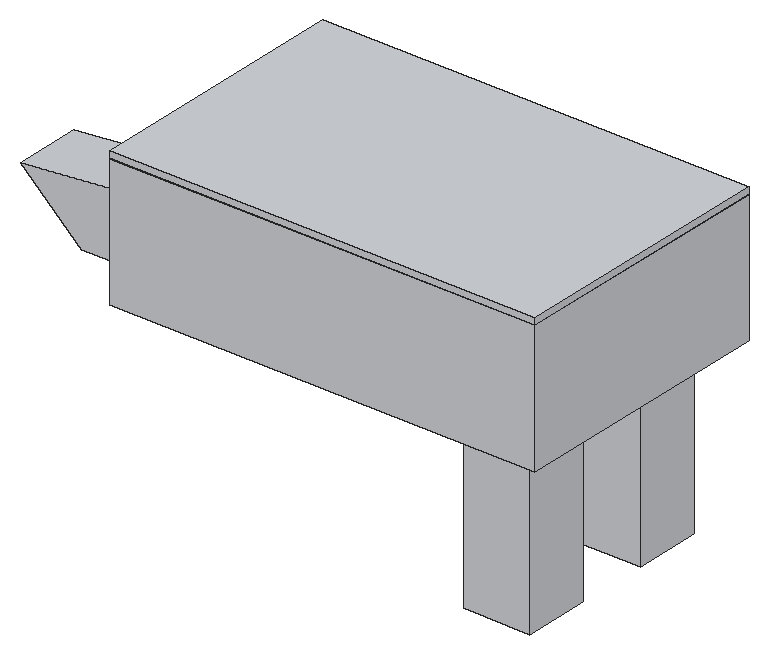
Revit family "AHU 3 _3", category Mechanické zařízení, Revit 2018
Family settings
  Kóta kulaté spojky = Použít průměr
  Typ dílu = Normální
  Číslo OmniClass = 23.75.00.00
  Nadpis OmniClass = Climate Control (HVAC)
  Založené na pracovní rovině = Ne
  Vždy vertikální = Ano
  Ořezat dutým tvarem při načtení = Ne
  Sdílené = Ne
  Bod výpočtu místnosti = Ne
Parameters (values of type "DUPLEXVENT 3500 Multi Eco-N")
  Width [instance] = 1.605 mm
  Weight [instance] = 529.00 kg
  URL = ""
  Type [instance] = "DUPLEXVENT 3500 Multi Eco-N"
  Total_SFP [instance] = 0
  Supply_outlet_hum [instance] = 90
  Supply_inlet_hum [instance] = 90
  Supply_ext_pressure [instance] = 0.0 Pa
  Supply_SFP [instance] = 0
  Source_adu_file [instance] = ""
  Recuperation_type [instance] = "Plate heat recovery exchanger"
  Recuperation_efficiency_EN308 [instance] = 0
  Project_name [instance] = ""
  Project_date [instance] = "9.8.2023"
  Power_supply_fusing [instance] = "0"
  Power_supply_cable [instance] = "0"
  Position [instance] = "AHU 3 "
  Phases_count [instance] = 3
  Panel_thickness [instance] = 0.06 mm
  Outer_surface [instance] = "RAL 9002"
  Length [instance] = 2.56 mm
  Insulation_type [instance] = "PUR"
  Insulation_thickness [instance] = 0.05 mm
  Installation_environment [instance] = ""
  Input_power_max [instance] = 5000 W
  Inner_surface [instance] = "Pozink"
  I2 [instance] = I1  # 0.0 L/s
  Height [instance] = 1.29 mm
  Exhaust_outlet_hum [instance] = 40
  Exhaust_inlet_hum [instance] = 40
  Exhaust_ext_pressure [instance] = 0.0 Pa
  Exhaust_SFP [instance] = 0
  E1 [instance] = E2 - M1  # 0.0 L/s
  E2 [instance] = 0.0 L/s
  I1 [instance] = 0.0 L/s
  Description = ""
  M1 [instance] = 0.0 L/s
  Device_dutypoint_version [instance] = "0"
  Device_design_version [instance] = "10"
  Device_adu_id [instance] = "3"
  Current_max [instance] = 7.6 A
  Casing_mat [instance] = "painted zinc layer"
  Cable type [instance] = ""
Reference planes
  plane 1 "Střed (vpředu/vzadu)": y = 0
  plane 2 "ref": z = 0
  plane 3 "Střed (vlevo/vpravo)": x = 0
Forms (mm)
  Sweep 1, solid
    path origin (0, 0, -790) x (0, 0, 1) y (1, 0, 0)
      loop
        line (0, 0) -> (790, 0)
    profile origin (0, 0, -790) x (1, 0, 0) y (0, 1, 0)
      loop
        line (0, 0) -> (2560, 0) -> (2560, 1605) -> (0, 1605) -> (0, 0)
  Sweep 2, solid
    path origin (0, 0, 0) x (0, 0, 1) y (1, 0, 0)
      loop
        line (0, 0) -> (40, 0)
    profile origin (0, 0, 0) x (1, 0, 0) y (0, 1, 0)
      loop
        line (0, 0) -> (2560, 0) -> (2560, 1605) -> (0, 1605) -> (0, 0)
  Sweep 3, solid
    path origin (-310, 505, -425) x (1, 0, 0) y (0, 1, 0)
      loop
        line (0, 0) -> (0, -400)
    profile origin (-310, 505, -425) x (1, 0, 0) y (0, 0, 1)
      loop
        line (309, 200) -> (-310, 140) -> (62, -200) -> (310, -200) -> (309, 200)
  Sweep 4, solid
    path origin (0, 305, -425) x (0, 1, 0) y (-1, 0, 0)
      loop
        line (0, 0) -> (0, 1)
    profile origin (0, 305, -425) x (0, -1, 0) y (0, 0, 1)
      loop
        line (-200, -200) -> (200, -200) -> (200, 200) -> (-200, 200) -> (-200, -200)
  Sweep 5, solid
    path origin (2232, 1156, -790) x (0, 0, -1) y (1, 0, 0)
      loop
        line (0, 0) -> (975, 0)
    profile origin (2232, 1156, -790) x (0, -1, 0) y (1, 0, 0)
      loop
        line (-200, 200) -> (-200, -200) -> (200, -200) -> (200, 200) -> (-200, 200)
  Sweep 6, solid
    path origin (2232, 323, -790) x (0, 0, -1) y (1, 0, 0)
      loop
        line (0, 0) -> (975, 0)
    profile origin (2232, 323, -790) x (0, -1, 0) y (1, 0, 0)
      loop
        line (-200, 200) -> (-200, -200) -> (200, -200) -> (200, 200) -> (-200, 200)
  Sweep 7, solid
    path origin (63, 1785, -330) x (1, 0, 0) y (0, 1, 0)
      loop
        line (0, 0) -> (485, 0)
    profile origin (63, 1785, -330) x (0, 1, 0) y (0, 0, 1)
      loop
        line (-180, -235) -> (180, -235) -> (180, 55) -> (0, 235) -> (-180, 235) -> (-180, -235)
  Sweep 8, solid
    path origin (0, 0, -565) x (0, 0, 1) y (1, 0, 0)
      loop
        line (0, 0) -> (470, 0)
    profile origin (0, 0, -565) x (1, 0, 0) y (0, 1, 0)
      loop
        line (63, 1605) -> (547, 1605) -> (547, 1606) -> (63, 1606) -> (63, 1605)
  Sweep 9, solid
    path origin (113, 1492, -790) x (0, -1, 0) y (0, 0, 1)
      loop
        line (0, 0) -> (0, -150)
    profile origin (113, 1492, -790) x (-1, 0, 0) y (0, -1, 0)
      loop
        circle (0, 0) r 20
  Sweep 10, solid
    path origin (1321, 1492, -790) x (0, -1, 0) y (0, 0, 1)
      loop
        line (0, 0) -> (0, -150)
    profile origin (1321, 1492, -790) x (-1, 0, 0) y (0, -1, 0)
      loop
        circle (0, 0) r 20
  Sweep 11, solid
    path origin (0, 0, 5) x (0, 0, 1) y (1, 0, 0)
      loop
        line (0, 0) -> (35, 0)
    profile origin (0, 0, 5) x (1, 0, 0) y (0, 1, 0)
      loop
        line (0, 0) -> (2560, 0) -> (2560, 1605) -> (0, 1605) -> (0, 0)
Lines and regions (mm)
  model lines, style "Symbol"
    curve 1: line (1050, 0, 40) -> (1050, 321, 40)
    curve 2: line (1050, 1605, 40) -> (1050, 1284, 40)
    curve 3: line (0, 802, 40) -> (568, 802, 40)
    curve 4: line (2560, 802, 40) -> (1531, 802, 40)
    curve 5: line (568, 802, 40) -> (809, 1284, 40)
    curve 6: line (809, 1284, 40) -> (1290, 1284, 40)
    curve 7: line (1290, 1284, 40) -> (1531, 802, 40)
    curve 8: line (1531, 802, 40) -> (1290, 321, 40)
    curve 9: line (1290, 321, 40) -> (1050, 321, 40)
    curve 10: line (1050, 321, 40) -> (809, 321, 40)
    curve 11: line (809, 321, 40) -> (568, 802, 40)
    curve 12: line (2207, 1318, 40) -> (2464, 1274, 40)
    curve 13: line (2207, 1089, 40) -> (2464, 1133, 40)
    curve 14: line (126, 1091, 40) -> (170, 1348, 40)
    curve 15: line (355, 1091, 40) -> (311, 1348, 40)
    curve 16: line (51, 161, 40) -> (51, 642, 40)
    curve 17: line (51, 642, 40) -> (205, 642, 40)
    curve 18: line (205, 642, 40) -> (205, 161, 40)
    curve 19: line (205, 161, 40) -> (51, 161, 40)
    curve 20: line (128, 161, 40) -> (205, 401, 40)
    curve 21: line (128, 642, 40) -> (205, 401, 40)
    curve 22: line (2509, 642, 40) -> (2509, 161, 40)
    curve 23: line (2509, 161, 40) -> (2355, 161, 40)
    curve 24: line (2355, 161, 40) -> (2355, 642, 40)
    curve 25: line (2355, 642, 40) -> (2509, 642, 40)
    curve 26: line (2432, 642, 40) -> (2355, 401, 40)
    curve 27: line (2432, 161, 40) -> (2355, 401, 40)
    curve 28: line (722, 281, 40) -> (503, 710, 40)
    curve 29: line (503, 710, 40) -> (575, 746, 40)
    curve 30: line (575, 746, 40) -> (793, 317, 40)
    curve 31: line (793, 317, 40) -> (722, 281, 40)
    curve 32: line (591, 556, 40) -> (619, 643, 40)
    curve 33: line (678, 385, 40) -> (706, 471, 40)
    curve 34: line (87, 1492, -790) -> (139, 1492, -790)
    curve 35: line (113, 1466, -790) -> (113, 1518, -790)
    curve 36: line (1295, 1492, -790) -> (1347, 1492, -790)
    curve 37: line (1321, 1466, -790) -> (1321, 1518, -790)
    curve 38: line (0, 0, 800) -> (0, 0, 0)
    curve 39: line (2560, 0, 800) -> (2560, 0, 0)
    curve 40: line (0, 0, 800) -> (2560, 0, 800)
    curve 41: line (0, 1605, 800) -> (0, 1605, 0)
    curve 42: line (2560, 1605, 800) -> (2560, 1605, 0)
    curve 43: line (0, 1605, 800) -> (2560, 1605, 800)
    curve 44: line (0, 0, 800) -> (0, 1605, 800)
    curve 45: line (2560, 0, 800) -> (2560, 1605, 800)
    curve 46: line (0, 1405, 800) -> (200, 1605, 800)
    curve 47: line (0, 1205, 800) -> (400, 1605, 800)
    curve 48: line (0, 1005, 800) -> (600, 1605, 800)
    curve 49: line (0, 805, 800) -> (800, 1605, 800)
    curve 50: line (0, 605, 800) -> (1000, 1605, 800)
    curve 51: line (0, 405, 800) -> (1200, 1605, 800)
    curve 52: line (0, 205, 800) -> (1400, 1605, 800)
    curve 53: line (0, 5, 800) -> (1600, 1605, 800)
    curve 54: line (195, 0, 800) -> (1800, 1605, 800)
    curve 55: line (395, 0, 800) -> (2000, 1605, 800)
    curve 56: line (595, 0, 800) -> (2200, 1605, 800)
    curve 57: line (795, 0, 800) -> (2400, 1605, 800)
    curve 58: line (995, 0, 800) -> (2560, 1565, 800)
    curve 59: line (1195, 0, 800) -> (2560, 1365, 800)
    curve 60: line (1395, 0, 800) -> (2560, 1165, 800)
    curve 61: line (1595, 0, 800) -> (2560, 965, 800)
    curve 62: line (1795, 0, 800) -> (2560, 765, 800)
    curve 63: line (1995, 0, 800) -> (2560, 565, 800)
    curve 64: line (2195, 0, 800) -> (2560, 365, 800)
    curve 65: line (2395, 0, 800) -> (2560, 165, 800)
    curve 66: line (2560, 1405, 800) -> (2560, 1605, 600)
    curve 67: line (2560, 1205, 800) -> (2560, 1605, 400)
    curve 68: line (2560, 1005, 800) -> (2560, 1605, 200)
    curve 69: line (2560, 805, 800) -> (2560, 1605, 0)
    curve 70: line (2560, 605, 800) -> (2560, 1405, 0)
    curve 71: line (2560, 405, 800) -> (2560, 1205, 0)
    curve 72: line (2560, 205, 800) -> (2560, 1005, 0)
    curve 73: line (2560, 5, 800) -> (2560, 805, 0)
    curve 74: line (2560, 0, 605) -> (2560, 605, 0)
    curve 75: line (2560, 0, 405) -> (2560, 405, 0)
    curve 76: line (2560, 0, 205) -> (2560, 205, 0)
    curve 77: line (2560, 0, 5) -> (2560, 5, 0)
    curve 78: line (0, 1605, 600) -> (200, 1605, 800)
    curve 79: line (0, 1605, 400) -> (400, 1605, 800)
    curve 80: line (0, 1605, 200) -> (600, 1605, 800)
    curve 81: line (0, 1605, 0) -> (800, 1605, 800)
    curve 82: line (200, 1605, 0) -> (1000, 1605, 800)
    curve 83: line (400, 1605, 0) -> (1200, 1605, 800)
    curve 84: line (600, 1605, 0) -> (1400, 1605, 800)
    curve 85: line (800, 1605, 0) -> (1600, 1605, 800)
    curve 86: line (1000, 1605, 0) -> (1800, 1605, 800)
    curve 87: line (1200, 1605, 0) -> (2000, 1605, 800)
    curve 88: line (1400, 1605, 0) -> (2200, 1605, 800)
    curve 89: line (1600, 1605, 0) -> (2400, 1605, 800)
    curve 90: line (1800, 1605, 0) -> (2560, 1605, 760)
    curve 91: line (2000, 1605, 0) -> (2560, 1605, 560)
    curve 92: line (2200, 1605, 0) -> (2560, 1605, 360)
    curve 93: line (2400, 1605, 0) -> (2560, 1605, 160)
    curve 94: line (0, -700, -790) -> (0, 0, -790)
    curve 95: line (2560, -700, -790) -> (2560, 0, -790)
    curve 96: line (0, -700, -790) -> (2560, -700, -790)
    curve 97: line (0, -700, 0) -> (0, 0, 0)
    curve 98: line (2560, -700, 0) -> (2560, 0, 0)
    curve 99: line (0, -700, 0) -> (2560, -700, 0)
    curve 100: line (0, -700, -790) -> (0, -700, 0)
    curve 101: line (2560, -700, -790) -> (2560, -700, 0)
    curve 102: line (0, -700, -200) -> (200, -700, 0)
    curve 103: line (0, -700, -400) -> (400, -700, 0)
    curve 104: line (0, -700, -600) -> (600, -700, 0)
    curve 105: line (10, -700, -790) -> (800, -700, 0)
    curve 106: line (210, -700, -790) -> (1000, -700, 0)
    curve 107: line (410, -700, -790) -> (1200, -700, 0)
    curve 108: line (610, -700, -790) -> (1400, -700, 0)
    curve 109: line (810, -700, -790) -> (1600, -700, 0)
    curve 110: line (1010, -700, -790) -> (1800, -700, 0)
    curve 111: line (1210, -700, -790) -> (2000, -700, 0)
    curve 112: line (1410, -700, -790) -> (2200, -700, 0)
    curve 113: line (1610, -700, -790) -> (2400, -700, 0)
    curve 114: line (1810, -700, -790) -> (2560, -700, -40)
    curve 115: line (2010, -700, -790) -> (2560, -700, -240)
    curve 116: line (2210, -700, -790) -> (2560, -700, -440)
    curve 117: line (2410, -700, -790) -> (2560, -700, -640)
    curve 118: line (2560, -700, -200) -> (2560, -500, 0)
    curve 119: line (2560, -700, -400) -> (2560, -300, 0)
    curve 120: line (2560, -700, -600) -> (2560, -100, 0)
    curve 121: line (2560, -690, -790) -> (2560, 0, -100)
    curve 122: line (2560, -490, -790) -> (2560, 0, -300)
    curve 123: line (2560, -290, -790) -> (2560, 0, -500)
    curve 124: line (2560, -90, -790) -> (2560, 0, -700)
    curve 125: line (0, -500, 0) -> (200, -700, 0)
    curve 126: line (0, -300, 0) -> (400, -700, 0)
    curve 127: line (0, -100, 0) -> (600, -700, 0)
    curve 128: line (100, 0, 0) -> (800, -700, 0)
    curve 129: line (300, 0, 0) -> (1000, -700, 0)
    curve 130: line (500, 0, 0) -> (1200, -700, 0)
    curve 131: line (700, 0, 0) -> (1400, -700, 0)
    curve 132: line (900, 0, 0) -> (1600, -700, 0)
    curve 133: line (1100, 0, 0) -> (1800, -700, 0)
    curve 134: line (1300, 0, 0) -> (2000, -700, 0)
    curve 135: line (1500, 0, 0) -> (2200, -700, 0)
    curve 136: line (1700, 0, 0) -> (2400, -700, 0)
    curve 137: line (1900, 0, 0) -> (2560, -660, 0)
    curve 138: line (2100, 0, 0) -> (2560, -460, 0)
    curve 139: line (2300, 0, 0) -> (2560, -260, 0)
    curve 140: line (2500, 0, 0) -> (2560, -60, 0)
    curve 141: line (0, 2305, 0) -> (0, 1605, 0)
    curve 142: line (2560, 2305, 0) -> (2560, 1605, 0)
    curve 143: line (0, 2305, 0) -> (2560, 2305, 0)
    curve 144: line (0, 2305, -790) -> (0, 1605, -790)
    curve 145: line (2560, 2305, -790) -> (2560, 1605, -790)
    curve 146: line (0, 2305, -790) -> (2560, 2305, -790)
    curve 147: line (0, 2305, 0) -> (0, 2305, -790)
    curve 148: line (2560, 2305, 0) -> (2560, 2305, -790)
    curve 149: line (0, 2305, -590) -> (200, 2305, -790)
    curve 150: line (0, 2305, -390) -> (400, 2305, -790)
    curve 151: line (0, 2305, -190) -> (600, 2305, -790)
    curve 152: line (10, 2305, 0) -> (800, 2305, -790)
    curve 153: line (210, 2305, 0) -> (1000, 2305, -790)
    curve 154: line (410, 2305, 0) -> (1200, 2305, -790)
    curve 155: line (610, 2305, 0) -> (1400, 2305, -790)
    curve 156: line (810, 2305, 0) -> (1600, 2305, -790)
    curve 157: line (1010, 2305, 0) -> (1800, 2305, -790)
    curve 158: line (1210, 2305, 0) -> (2000, 2305, -790)
    curve 159: line (1410, 2305, 0) -> (2200, 2305, -790)
    curve 160: line (1610, 2305, 0) -> (2400, 2305, -790)
    curve 161: line (1810, 2305, 0) -> (2560, 2305, -750)
    curve 162: line (2010, 2305, 0) -> (2560, 2305, -550)
    curve 163: line (2210, 2305, 0) -> (2560, 2305, -350)
    curve 164: line (2410, 2305, 0) -> (2560, 2305, -150)
    curve 165: line (2560, 2305, -590) -> (2560, 2105, -790)
    curve 166: line (2560, 2305, -390) -> (2560, 1905, -790)
    curve 167: line (2560, 2305, -190) -> (2560, 1705, -790)
    curve 168: line (2560, 2295, 0) -> (2560, 1605, -690)
    curve 169: line (2560, 2095, 0) -> (2560, 1605, -490)
    curve 170: line (2560, 1895, 0) -> (2560, 1605, -290)
    curve 171: line (2560, 1695, 0) -> (2560, 1605, -90)
    curve 172: line (0, 2105, -790) -> (200, 2305, -790)
    curve 173: line (0, 1905, -790) -> (400, 2305, -790)
    curve 174: line (0, 1705, -790) -> (600, 2305, -790)
    curve 175: line (100, 1605, -790) -> (800, 2305, -790)
    curve 176: line (300, 1605, -790) -> (1000, 2305, -790)
    curve 177: line (500, 1605, -790) -> (1200, 2305, -790)
    curve 178: line (700, 1605, -790) -> (1400, 2305, -790)
    curve 179: line (900, 1605, -790) -> (1600, 2305, -790)
    curve 180: line (1100, 1605, -790) -> (1800, 2305, -790)
    curve 181: line (1300, 1605, -790) -> (2000, 2305, -790)
    curve 182: line (1500, 1605, -790) -> (2200, 2305, -790)
    curve 183: line (1700, 1605, -790) -> (2400, 2305, -790)
    curve 184: line (1900, 1605, -790) -> (2560, 2265, -790)
    curve 185: line (2100, 1605, -790) -> (2560, 2065, -790)
    curve 186: line (2300, 1605, -790) -> (2560, 1865, -790)
    curve 187: line (2500, 1605, -790) -> (2560, 1665, -790)
    curve 188: line (0, 0, 40) -> (0, 1605, 40)
    curve 189: line (0, 1605, 40) -> (1280, 1605, 40)
    curve 190: line (1280, 1605, 40) -> (1280, 0, 40)
    curve 191: line (1280, 0, 40) -> (0, 0, 40)
    curve 192: line (1280, 0, 40) -> (1280, 1605, 40)
    curve 193: line (1280, 1605, 40) -> (2560, 1605, 40)
    curve 194: line (2560, 1605, 40) -> (2560, 0, 40)
    curve 195: line (2560, 0, 40) -> (1280, 0, 40)
    curve 196: line (0, 0, 40) -> (2560, 0, 40)
    curve 197: line (0, 1605, 40) -> (2560, 1605, 40)
    curve 198: line (0, 0, 40) -> (0, 1605, 40)
    curve 199: line (2560, 0, 40) -> (2560, 1605, 40)
    curve 200: line (0, 0, 40) -> (0, 0, 5)
    curve 201: line (2560, 0, 40) -> (2560, 0, 5)
    curve 202: line (0, 1605, 40) -> (0, 1605, 5)
    curve 203: line (2560, 1605, 40) -> (2560, 1605, 5)
    curve 204: line (15, 10, -1290) -> (15, 10, -790)
    curve 205: line (15, 10, -790) -> (2545, 10, -790)
    curve 206: line (2545, 10, -790) -> (2545, 10, -1290)
    curve 207: line (2545, 10, -1290) -> (15, 10, -1290)
    curve 208: line (15, 1595, -1290) -> (15, 1595, -790)
    curve 209: line (15, 1595, -790) -> (2545, 1595, -790)
    curve 210: line (2545, 1595, -790) -> (2545, 1595, -1290)
    curve 211: line (2545, 1595, -1290) -> (15, 1595, -1290)
    curve 212: line (15, 10, -1290) -> (15, 10, -790)
    curve 213: line (15, 10, -790) -> (15, 1595, -790)
    curve 214: line (15, 1595, -790) -> (15, 1595, -1290)
    curve 215: line (15, 1595, -1290) -> (15, 10, -1290)
    curve 216: line (2545, 10, -1290) -> (2545, 10, -790)
    curve 217: line (2545, 10, -790) -> (2545, 1595, -790)
    curve 218: line (2545, 1595, -790) -> (2545, 1595, -1290)
    curve 219: line (2545, 1595, -1290) -> (2545, 10, -1290)
    curve 220: line (1005, 10, -865) -> (1005, 10, -1115)
    curve 221: line (1005, 10, -1115) -> (1255, 10, -1115)
    curve 222: line (1255, 10, -1115) -> (1255, 10, -865)
    curve 223: line (1255, 10, -865) -> (1005, 10, -865)
    curve 224: line (1030, 10, -890) -> (1030, 10, -1090)
    curve 225: line (1030, 10, -1090) -> (1230, 10, -1090)
    curve 226: line (1230, 10, -1090) -> (1230, 10, -890)
    curve 227: line (1230, 10, -890) -> (1030, 10, -890)
    curve 228: line (1005, 1595, -865) -> (1005, 1595, -1115)
    curve 229: line (1005, 1595, -1115) -> (1255, 1595, -1115)
    curve 230: line (1255, 1595, -1115) -> (1255, 1595, -865)
    curve 231: line (1255, 1595, -865) -> (1005, 1595, -865)
    curve 232: line (1030, 1595, -890) -> (1030, 1595, -1090)
    curve 233: line (1030, 1595, -1090) -> (1230, 1595, -1090)
    curve 234: line (1230, 1595, -1090) -> (1230, 1595, -890)
    curve 235: line (1230, 1595, -890) -> (1030, 1595, -890)
    curve 236: line (2235, 1595, -865) -> (2235, 1595, -1115)
    curve 237: line (2235, 1595, -1115) -> (2485, 1595, -1115)
    curve 238: line (2485, 1595, -1115) -> (2485, 1595, -865)
    curve 239: line (2485, 1595, -865) -> (2235, 1595, -865)
    curve 240: line (2260, 1595, -890) -> (2260, 1595, -1090)
    curve 241: line (2260, 1595, -1090) -> (2460, 1595, -1090)
    curve 242: line (2460, 1595, -1090) -> (2460, 1595, -890)
    curve 243: line (2460, 1595, -890) -> (2260, 1595, -890)
    curve 244: line (15, 477, -865) -> (15, 728, -865)
    curve 245: line (15, 728, -865) -> (15, 728, -1115)
    curve 246: line (15, 728, -1115) -> (15, 477, -1115)
    curve 247: line (15, 477, -1115) -> (15, 477, -865)
    curve 248: line (15, 502, -890) -> (15, 703, -890)
    curve 249: line (15, 703, -890) -> (15, 703, -1090)
    curve 250: line (15, 703, -1090) -> (15, 502, -1090)
    curve 251: line (15, 502, -1090) -> (15, 502, -890)
    curve 252: line (2545, 477, -865) -> (2545, 728, -865)
    curve 253: line (2545, 728, -865) -> (2545, 728, -1115)
    curve 254: line (2545, 728, -1115) -> (2545, 477, -1115)
    curve 255: line (2545, 477, -1115) -> (2545, 477, -865)
    curve 256: line (2545, 502, -890) -> (2545, 703, -890)
    curve 257: line (2545, 703, -890) -> (2545, 703, -1090)
    curve 258: line (2545, 703, -1090) -> (2545, 502, -1090)
    curve 259: line (2545, 502, -1090) -> (2545, 502, -890)
    curve 260: line (938, 0, -270) -> (938, 0, -520)
    curve 261: line (938, 0, -520) -> (1188, 0, -520)
    curve 262: line (1188, 0, -520) -> (1188, 0, -270)
    curve 263: line (1188, 0, -270) -> (938, 0, -270)
    curve 264: line (963, 0, -295) -> (963, 0, -495)
    curve 265: line (963, 0, -495) -> (1163, 0, -495)
    curve 266: line (1163, 0, -495) -> (1163, 0, -295)
    curve 267: line (1163, 0, -295) -> (963, 0, -295)
    curve 268: line (235, 0, -50) -> (235, 0, -740)
    curve 269: line (235, 0, -740) -> (485, 0, -740)
    curve 270: line (485, 0, -740) -> (485, 0, -50)
    curve 271: line (485, 0, -50) -> (235, 0, -50)
    curve 272: line (260, 0, -75) -> (260, 0, -715)
    curve 273: line (260, 0, -715) -> (460, 0, -715)
    curve 274: line (460, 0, -715) -> (460, 0, -75)
    curve 275: line (460, 0, -75) -> (260, 0, -75)
    curve 276: line (1495, 0, -50) -> (1495, 0, -740)
    curve 277: line (1495, 0, -740) -> (1745, 0, -740)
    curve 278: line (1745, 0, -740) -> (1745, 0, -50)
    curve 279: line (1745, 0, -50) -> (1495, 0, -50)
    curve 280: line (1520, 0, -75) -> (1520, 0, -715)
    curve 281: line (1520, 0, -715) -> (1720, 0, -715)
    curve 282: line (1720, 0, -715) -> (1720, 0, -75)
    curve 283: line (1720, 0, -75) -> (1520, 0, -75)
    curve 284: circle (2319, 1204, 40) r 161 normal (0, 0, 1)
    curve 285: circle (241, 1204, 40) r 161 normal (0, 0, 1)
    curve 286: circle (605, 599, 40) r 12 normal (0, 0, 1)
    curve 287: circle (692, 428, 40) r 12 normal (0, 0, 1)
    curve 288: circle (113, 1492, -790) r 20 normal (0, 0, 1)
    curve 289: circle (1321, 1492, -790) r 20 normal (0, 0, 1)
Dimensions and locks
  aligned and locked: level to plane 2 "ref"
Connectors
  hvac at (-1, 305, -425), driven by "E1"
    settings: on Sweep 4, index 1, duct flow 0.0 L/s, flow factor 0, pres drop 0.0 Pa, loss coef 0, conn angle 0.00°, conn width 10 mm, conn height 10 mm, conn diameter 609.6 mm, duct sys type 1, conn prof type 1, flow config 1, flow direction 1, loss method 0, conn ref index -1, conn util no, is conn primary yes, conn desc ""
  hvac at (2232, 1156, -1765), driven by "E2"
    settings: on Sweep 5, index 2, duct flow 0.0 L/s, flow factor 1, pres drop 0.0 Pa, loss coef 0, conn angle 0.00°, conn width 400 mm, conn height 400 mm, conn diameter 609.6 mm, duct sys type 1, conn prof type 1, flow config 2, flow direction 2, loss method 0, conn ref index -1, conn util no, is conn primary no, conn desc ""
  hvac at (2232, 323, -1765), driven by "I1"
    settings: on Sweep 6, index 3, duct flow 0.0 L/s, flow factor 1, pres drop 0.0 Pa, loss coef 0, conn angle 0.00°, conn width 400 mm, conn height 400 mm, conn diameter 609.6 mm, duct sys type 3, conn prof type 1, flow config 2, flow direction 1, loss method 0, conn ref index -1, conn util no, is conn primary no, conn desc ""
  hvac at (305, 1605.5, -95), driven by "I2"
    settings: on Sweep 8, index 4, duct flow 0.0 L/s, flow factor 0, pres drop 0.0 Pa, loss coef 0, conn angle 0.00°, conn width 10 mm, conn height 10 mm, conn diameter 609.6 mm, duct sys type 3, conn prof type 1, flow config 1, flow direction 2, loss method 0, conn ref index -1, conn util no, is conn primary no, conn desc ""
  piping at (113, 1492, -940), diameter 40
    settings: on Sweep 9, index 5, connector inside diameter 609.6 mm, connector length 0 mm, flow factor 0, pipe flow 0.0 L/s, pressure drop 0.0 Pa, fitting loss kfactor 0, connector angle 0.00°, fixture units 0, engagement length 0 mm, angle of deflection 0.00°, flow configuration 1, flow direction 2, fitting loss method 0, system type 16, joint type 0, gender type 0, connector reference index -1, connector utility 0, adjustable connector no, is connector primary yes, connector description ""
  piping at (1321, 1492, -940), diameter 40
    settings: on Sweep 10, index 6, connector inside diameter 609.6 mm, connector length 0 mm, flow factor 0, pipe flow 0.0 L/s, pressure drop 0.0 Pa, fitting loss kfactor 0, connector angle 0.00°, fixture units 0, engagement length 0 mm, angle of deflection 0.00°, flow configuration 1, flow direction 2, fitting loss method 0, system type 16, joint type 0, gender type 0, connector reference index -1, connector utility 0, adjustable connector no, is connector primary no, connector description ""
